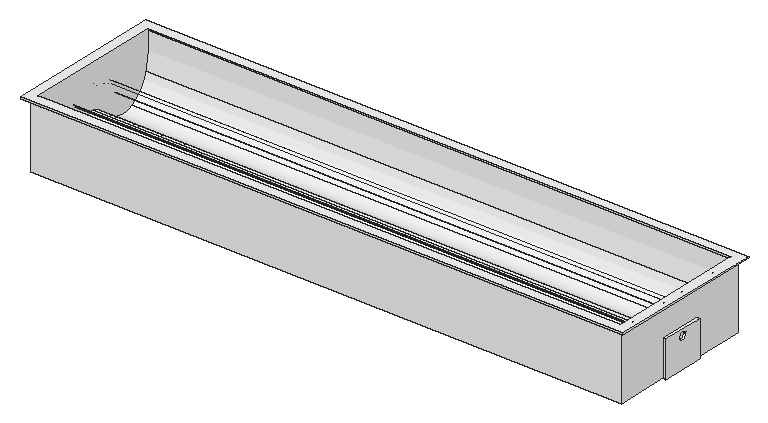
Revit family "STE14", category Lighting Fixtures, host Face, Revit 2012
Parameters (values of type "STE14-332G-MPO-3EU")
  Wattage Comments = "71W"
  Wattage = 71 W
  built-in parameter 1150110 = 1 (stored number, unit not read)
  URL = "http://www.columbialighting.com/"
  built-in parameter 1114217 = 1 (stored number, unit not read)
  Tilt Angle = -90.00°
  built-in parameter 1150109 = 1 (stored number, unit not read)
  built-in parameter 1150134 = (empty or 0)
  built-in parameter 1150113 = 1 (stored number, unit not read)
  Product Page URL = "http://www.columbialighting.com/products/ste/"
  Product Documentation Link = "http://www.columbialighting.com/content/products/specs/specs_files/ste14.pdf"
  Photometric Web File = "3847.IES"
  built-in parameter 1150142 = (empty or 0)
  Model = "STE14"  # constant formula
  Manufacturer Phone = "864.678.1000"  # constant formula
  Manufacturer Fax = "866.898.1065"  # constant formula
  Manufacturer = "Columbia Lighting"  # constant formula
  built-in parameter 1150105 = 2777.6 (stored number, unit not read)
  Lumens = 10546.5 lm
  built-in parameter 1150115 = 1 (stored number, unit not read)
  built-in parameter 1150137 = (empty or 0)
  built-in parameter 1150139 = (empty or 0)
  built-in parameter 1150112 = 1 (stored number, unit not read)
  built-in parameter 1150114 = 1 (stored number, unit not read)
  Lamp = "3"
  built-in parameter 1150132 = (empty or 0)
  built-in parameter 1150102 = (empty or 0)
  built-in parameter 1150107 = 2725 (stored number, unit not read)
  built-in parameter 1150138 = (empty or 0)
  built-in parameter 1150106 = 27.776 (stored number, unit not read)
  Glass = Glass
  Emit from Line Length = 46.000"
  built-in parameter 1150104 = 13.8 (stored number, unit not read)
  Dimming Lamp Color Temperature Shift = <None>
  Description = "1' × 4' Stratus® Recessed Indirect / 1, 2, or 3-Lamp T5, T5HO, T8"  # constant formula
  Default Elevation = 48.000"
  Color Filter = 16777215
  built-in parameter 1114218 = 1 (stored number, unit not read)
  Backbox = White
  built-in parameter 1150133 = 10 (stored number, unit not read)
Types (7): name | Wattage Comments | Wattage | Photometric Web File | built-in parameter 1150105 | Lumens | Lamp | built-in parameter 1150106
  STE14-154G-MPO-EPU | "62W" | 62 W | "3875.IES" | 2591.1 (stored number, unit not read) | 9209.6 lm | "1" | 25.911 (stored number, unit not read)
  STE14-228G-MPO-EPU | "63W" | 63 W | "3879.IES" | 2388.6 (stored number, unit not read) | 9358.14 lm | "2" | 23.886 (stored number, unit not read)
  STE14-232G-MPO-EU | "47W" | 47 W | "3849.IES" | 1915.1 (stored number, unit not read) | 6981.47 lm | "2" | 19.151 (stored number, unit not read)
  STE14-254G-MPO-EPU | "111W" | 111 W | "3873.IES" | 3910.8 (stored number, unit not read) | 16488.2 lm | "2" | 39.108 (stored number, unit not read)
  STE14-328G-MPO-EPU | "92W" | 92 W | "3881.IES" | 3463.8 (stored number, unit not read) | 13665.9 lm | "3" | 34.638 (stored number, unit not read)
  STE14-332G-MPO-3EU | "71W" | 71 W | "3847.IES" | 2777.6 (stored number, unit not read) | 10546.5 lm | "3" | 27.776 (stored number, unit not read)
  STE14-354G-MPO-EPU | "146W" | 146 W | "3871.IES" | 4317.9 (stored number, unit not read) | 21687.1 lm | "3" | 43.179 (stored number, unit not read)
Reference planes (in)
  plane 1 "Center (Front/Back)": y = 0.03999
  plane 2: z = 0
  plane 3 "Center (Left/Right)": x = 0.01104
  plane 4: y = 6.03999
  plane 5: y = -5.96001
  plane 6: z = -5.5
  plane 7: x = -24.42646
  plane 8: x = 24.44854
  plane 9: x = -24.12646
  plane 10: x = 24.14854
  plane 11: z = 0.75
  plane 12: x = -24.67646
  plane 13: x = 24.69854
Forms (in)
  Extrusion 1, void
    sketch origin (0.01104, 0, 0) x (0, 1, 0) y (0, 0, 1)
      loop
        line (6.03999, 0.34686) -> (-5.96001, 0.34686) -> (-5.96001, -5.5) -> (6.03999, -5.5) -> (6.03999, 0.34686)
    from -24.4375 to 24.4375
  Extrusion 2, solid, material "White" <- "Backbox"
    sketch origin (0, 0.03999, 0) x (1, 0, 0) y (0, 0, 1)
      loop
        line (-24.42646, 0) -> (-24.42646, -5.5) -> (-24.12646, -5.5) -> (-24.12646, 0) -> (-24.42646, 0)
    from -6 to 6
  Extrusion 3, solid, material "White" <- "Backbox"
    sketch origin (0.02208, 0.03999, 0) x (-1, 0, 0) y (0, 0, -1)
      loop
        line (-24.42646, 0) -> (-24.12646, 0) -> (-24.12646, 5.5) -> (-24.42646, 5.5) -> (-24.42646, 0)
    from -6 to 6
  Extrusion 4, solid, material "White" <- "Backbox"
    sketch origin (0.01104, 0, 0) x (0, 1, 0) y (0, 0, 1)
      loop
        line (6.03999, 0) -> (5.78999, 0)
        arc (5.78999, 0) -> (5.73341, -1.45698) -> (5.48583, -2.89389) r 11.07019
        arc (5.48583, -2.89389) -> (4.96591, -4.00623) -> (4.05269, -4.827) r 3.07937
        arc (4.05269, -4.827) -> (3.17769, -5.06513) -> (2.30269, -4.827) r 1.72667
        arc (2.30269, -4.827) -> (1.29028, -4.17645) -> (0.3327, -3.4476) r 15.15104
        line (0.3327, -3.4476) -> (0.03999, -3.4476) -> (-0.25272, -3.4476)
        arc (-0.25272, -3.4476) -> (-1.2103, -4.17645) -> (-2.2227, -4.827) r 15.15104
        arc (-2.2227, -4.827) -> (-3.0977, -5.06513) -> (-3.9727, -4.827) r 1.72667
        arc (-3.9727, -4.827) -> (-4.88592, -4.00623) -> (-5.40585, -2.89389) r 3.07937
        arc (-5.40585, -2.89389) -> (-5.65343, -1.45698) -> (-5.71001, 0) r 11.07019
        line (-5.71001, 0) -> (-5.96001, 0) -> (-5.96001, -5.5) -> (0.03999, -5.5) -> (6.03999, -5.5) -> (6.03999, 0)
    from -24.1375 to 24.1375
  Extrusion 5, solid, material "Glass" <- "Glass"
    sketch origin (0.01104, 0, 0) x (0, 1, 0) y (0, 0, 1)
      loop
        arc (1.96992, -2.34394) -> (2.20319, -2.68263) -> (2.17191, -3.09269) r 0.6172
        line (2.17191, -3.09269) -> (2.4006, -3.19367)
        arc (2.4006, -3.19367) -> (2.44456, -2.61751) -> (2.1168, -2.14164) r 0.8672
        arc (2.1168, -2.14164) -> (0.03999, -1.46721) -> (-2.03682, -2.14164) r 3.53484
        arc (-2.03682, -2.14164) -> (-2.35801, -2.59444) -> (-2.33878, -3.14927) r 0.8672
        line (-2.33878, -3.14927) -> (-2.10484, -3.06109)
        arc (-2.10484, -3.06109) -> (-2.11854, -2.66621) -> (-1.88993, -2.34394) r 0.6172
        arc (-1.88993, -2.34394) -> (0.03999, -1.71721) -> (1.96992, -2.34394) r 3.28484
    from -24.1375 to 24.1375
  Sweep 6, solid, material "White" <- "Backbox"
    path origin (0, 0, 0) x (1, 0, 0) y (0, 1, 0)
      loop
        line (-24.42646, 6.03999) -> (-24.42646, -5.96001) -> (24.44854, -5.96001) -> (24.44854, 6.03999) -> (-24.42646, 6.03999)
    profile origin (-24.42646, 0.03999, 0) x (1, 0, 0) y (0, 0, 1)
      loop
        line (0.3, 0) -> (0.3, 0.1) -> (-0.5, 0.1) -> (-0.5, 0) -> (0.3, 0)
  Extrusion 7, solid, material "White" <- "Backbox"
    sketch origin (0.01104, 0, 0) x (0, 1, 0) y (0, 0, 1)
      loop
        line (1.78999, -5.5) -> (1.78999, -2.5) -> (-1.71001, -2.5) -> (-1.71001, -5.5) -> (1.78999, -5.5)
      loop
        circle (0.03999, -3.03575) r 0.34713
    from 24.4375 to 24.6875
  Extrusion 8, solid, material "White" <- "Backbox"
    sketch origin (0.01104, 0, 0) x (0, 1, 0) y (0, 0, -1)
      loop
        line (1.78999, 5.5) -> (-1.71001, 5.5) -> (-1.71001, 2.5) -> (1.78999, 2.5) -> (1.78999, 5.5)
      loop
        circle (0.03999, 3.03575) r 0.34713
    from 24.4375 to 24.6875
Cuts and joins
  joined: Extrusion 2, Extrusion 3, Extrusion 4, Sweep 6, Extrusion 7, Extrusion 8
Dimensions and locks (in)
  equal spacing: plane 4, plane 1 "Center (Front/Back)", plane 5
  locked: plane 4 to plane 5 at 12
  locked: host face to plane 6 at 5.5
  equal spacing: plane 8, plane 3 "Center (Left/Right)", plane 7
  locked: plane 8 to plane 7 at 48.875
  locked: plane 9 to plane 7 at 0.3
  locked: plane 10 to plane 8 at 0.3
  level to plane 6 = 5.500"
  locked: plane 11 to level at 0.75
  locked: Sweep 6 sketch curve to host face at 0.1
  locked: profile plane to Sweep 6 sketch curve at 0.5
  equal spacing: Extrusion 7 sketch curve, plane 1 "Center (Front/Back)", Extrusion 7 sketch curve
  locked: Extrusion 7 sketch curve to cut or joined group of Extrusion 2, Extrusion 3, Extrusion 4, Sweep 6, Extrusion 7, Extrusion 8 at 3
  Extrusion 7 sketch curve to Extrusion 7 sketch curve = 3.500"
  locked: plane 1 "Center (Front/Back)" to Extrusion 7 sketch curve at 1.75
  locked: plane 7 to plane 12 at 0.25
  locked: plane 8 to plane 13 at 0.25
  Extrusion 8 sketch curve to Extrusion 8 sketch curve = 3.500"  (x2)
  aligned and locked: plane 2 to host face
  aligned and locked: level to host face
  aligned and locked: Extrusion 1 sketch curve to plane 4
  aligned and locked: Extrusion 1 sketch curve to plane 6
  aligned and locked: Extrusion 1 sketch curve to plane 5
  aligned and locked: Extrusion 1 to plane 7
  aligned and locked: Extrusion 1 to plane 8
  aligned and locked: Extrusion 2 sketch curve to level
  aligned and locked: plane 7 to Extrusion 2 sketch curve
  aligned and locked: Extrusion 2 to plane 4
  aligned and locked: Extrusion 2 to plane 5
  aligned and locked: Extrusion 3 to plane 8
  aligned and locked: Extrusion 4 to plane 9
  aligned and locked: Extrusion 4 to plane 10
  aligned and locked: Extrusion 5 to plane 9
  aligned and locked: Extrusion 5 to plane 10
  aligned and locked: imposter light to plane 1 "Center (Front/Back)"
  aligned and locked: Sweep 6 sketch curve to cut or joined group of Extrusion 2, Extrusion 3, Extrusion 4, Sweep 6, Extrusion 7, Extrusion 8  (x4)
  aligned and locked: Sweep 6 sketch curve to plane 9
  aligned and locked: plane 6 to Extrusion 7 sketch curve
  aligned and locked: Extrusion 7 to plane 13
  aligned and locked: plane 8 to Extrusion 7
  aligned and locked: Extrusion 8 to plane 12
  aligned and locked: plane 7 to Extrusion 8
  aligned and locked: Extrusion 7 to Extrusion 8
  aligned and locked: plane 10 to Extrusion 3
Automatic sketch dimensions
  host sketch curve to host sketch curve = 96.000"  (x2)
  level to Extrusion 1 sketch curve = 0.34686"
  Extrusion 2 sketch curve to plane 6 = 0.000"
  Extrusion 2 sketch curve to plane 9 = 0.000"
  Extrusion 3 sketch curve to plane 6 = 0.000"
  plane 8 to Extrusion 3 sketch curve = 0.000"
  plane 10 to Extrusion 3 sketch curve = 0.000"
  Extrusion 3 sketch curve to level = 0.000"
  Extrusion 4 sketch curve to level = 0.000"  (x2)
  Extrusion 4 sketch curve to plane 5 = 0.000"
  Extrusion 4 sketch curve to plane 1 "Center (Front/Back)" = 0.000"  (x2)
  Extrusion 4 sketch curve to plane 4 = 0.000"
  Extrusion 4 sketch curve to plane 6 = 0.000"
  Extrusion 4 sketch curve to plane 5 = 3.94057"
  Extrusion 4 sketch curve to Extrusion 4 sketch curve = 0.250"  (x2)
  plane 5 to Extrusion 4 sketch curve = 0.55416"
  Extrusion 4 sketch curve to Extrusion 4 sketch curve = 0.000"  (x5)
  Extrusion 4 sketch curve to Extrusion 4 sketch curve = 0.43387"
  plane 6 to Extrusion 4 sketch curve = 0.673"  (x3)
  plane 5 to Extrusion 4 sketch curve = 1.9873"
  Extrusion 4 sketch curve to Extrusion 4 sketch curve = 0.875"  (x3)
  Extrusion 4 sketch curve to Extrusion 4 sketch curve = 0.68549"  (x2)
  Extrusion 4 sketch curve to Extrusion 4 sketch curve = 0.29271"
  Extrusion 4 sketch curve to plane 1 "Center (Front/Back)" = 0.29271"
  Extrusion 4 sketch curve to plane 1 "Center (Front/Back)" = 2.2627"
  Extrusion 4 sketch curve to plane 1 "Center (Front/Back)" = 2.45221"
  Extrusion 4 sketch curve to level = 0.29983"
  Extrusion 4 sketch curve to Extrusion 4 sketch curve = 2.30814"
  Extrusion 5 sketch curve to Extrusion 5 sketch curve = 0.000"  (x10)
  Extrusion 5 sketch curve to plane 1 "Center (Front/Back)" = 0.000"
  plane 1 "Center (Front/Back)" to Extrusion 5 sketch curve = 1.56731"
  Extrusion 5 sketch curve to Extrusion 5 sketch curve = 0.36262"  (x2)
  Extrusion 5 sketch curve to Extrusion 5 sketch curve = 0.14688"
  Extrusion 5 sketch curve to Extrusion 5 sketch curve = 0.57753"
  Extrusion 5 sketch curve to Extrusion 5 sketch curve = 0.23393"
  Extrusion 5 sketch curve to plane 1 "Center (Front/Back)" = 1.56731"
  Extrusion 5 sketch curve to Extrusion 5 sketch curve = 0.56461"
  Extrusion 5 sketch curve to Extrusion 5 sketch curve = 0.2287"
  plane 6 to Extrusion 5 sketch curve = 0.49795"
  Extrusion 5 sketch curve to Extrusion 5 sketch curve = 1.80838"
  Sweep 6 sketch curve to level = 0.000"
  Extrusion 7 sketch curve to plane 1 "Center (Front/Back)" = 0.000"
  Extrusion 7 sketch curve to Extrusion 7 sketch curve = 0.53575"
  Extrusion 8 sketch curve to plane 6 = 0.000"
  Extrusion 8 sketch curve to plane 1 "Center (Front/Back)" = 0.000"
  plane 1 "Center (Front/Back)" to Extrusion 8 sketch curve = 1.750"
  Extrusion 8 sketch curve to plane 1 "Center (Front/Back)" = 1.750"
  plane 6 to Extrusion 8 sketch curve = 2.46425"
  Extrusion 8 sketch curve to Extrusion 8 sketch curve = 0.53575"
  radius of Extrusion 7 sketch curve = 0.34713"
  radius of Extrusion 8 sketch curve = 0.34713"
Connectors (in)
  electrical at (0.01104, 0.03999, -5.5), driven by "Description"
    settings: on cut or joined group of Extrusion 2, Extrusion 3, Extrusion 4, Sweep 6, Extrusion 7, Extrusion 8, index 1, voltage 0 V, apparent load 0 VA, apparent load phase1 0 VA, apparent load phase2 0 VA, apparent load phase3 0 VA, power factor 1, load classification "Other", number of poles 1, system type 30, power factor state 1, is connector primary yes, connector utility no, sub classification motor no, connector description "1' × 4' Stratus® Recessed Indirect / 1, 2, or 3-Lamp T5, T5HO, T8"
